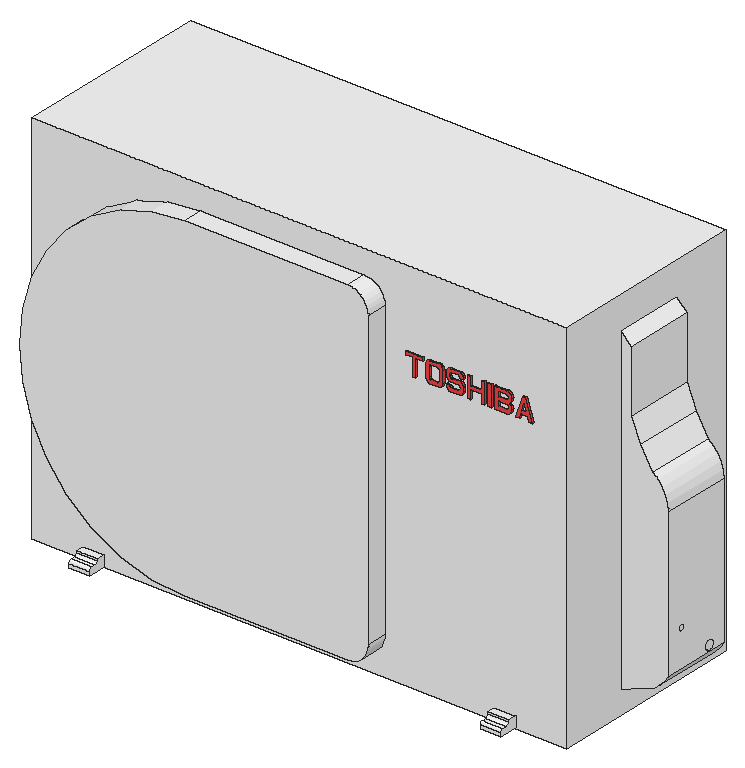
Revit family "RAS-J2AVSG1_10-16_Outdoor Unit", category Mechanical Equipment, Revit 2017
Family settings
  Round Connector Dimension = Use Diameter
  Part Type = Normal
  OmniClass Number = 23.75.00.00
  OmniClass Title = Climate Control (HVAC)
  Work Plane-Based = No
  Always vertical = Yes
  Cut with Voids When Loaded = No
  Shared = No
  Room Calculation Point = No
Parameters (values of type "RAS-16J2AVSG-E1")
  Width (mm) = 780 mm
  Wholesaler Art. No. = ""
  Wholesaler = ""
  Weight (Kg) = "33"
  Watermarked By = ""
  White = Colour RGB-255 255 255
  Voltage (V) = "220-240V"
  URL = "https://www.toshiba-carrier.co.jp/global/"
  Top Clearance (mm) (default) = 600 mm
  Static pressure = "-"
  Sound pressure dB(A)-Cooling/Heating-Mid+ = "-"
  Sound pressure dB(A)-Cooling/Heating-Mid = "-"
  Sound pressure dB(A)-Cooling/Heating-Low+ = "-"
  Sound pressure dB(A)-Cooling/Heating-Low = "-"
  Sound pressure dB(A)-Cooling/Heating-High = "48 / 50"
  Rated Capacity kW-Cooling/Heating = "4.6 / 5.5"
  Right Side Clearance (mm) (default) = 600 mm
  Pdesigh-Cooling/Heating = "-"
  Starting current = "-"
  Stabu Code = ""
  Service Area [instance] = no
  Running current-Heating = "7.04 - 6.46"
  Running current-Cooling = "6.41 - 5.91"
  Revit Version = ""
  Refrigerant information = "R32"
  Red = Colour RGB-255 000 000
  Product Line = "TCTC"  # constant formula
  Power consumption-Heating = "1475"
  Power consumption-Cooling = "1305"
  Rated Power Consumption kW-Cooling/Heating = "1.35 / 1.52"
  Operating range - Heating (°C) = "-15- 24"
  Operating range - Cooling (°C) = "-15 - 46"
  Model = "RAS-16J2AVSG-E1"
  Manufacturer URL = "https://www.toshiba-carrier.co.jp/global/"
  Manufacturer Art. No. = "RAS-16J2AVSG-E1"
  Manufacturer = "Toshiba"  # constant formula
  MOCP (A) = "15"
  MEPcontent Class = "HEATPUMP"  # constant formula
  MCA (A) = "-"
  Left Side Clearance (mm) (default) = 100 mm
  Internal Art. No. = ""
  Piping diameter (mm)-Liquid = 6.4 mm
  Piping diameter (mm)-Gas = 12.7 mm
  Height (mm) = 550 mm
  GTIN = ""
  GLN = ""
  Front Clearance (mm) (default) = 600 mm
  Frequency (Hz) = "50Hz"
  Family Version = "2017"  # constant formula
  Energy class-Cooling/Heating = "A+++ / A+++"
  ETIM Article Class = "EC001213"  # constant formula
  EMCS = "4"  # constant formula
  Duct diameters(mm) = "-"
  Drain pipe(mm) = "-"
  Description = "Haori desing tier"
  Depth (mm) = 290 mm
  Custom = no
  Copyright = "©Toshiba / HCL"  # constant formula
  Content Supplier URL = "www.hcltech.com"
  Compressor detail - Type = "Hermetic DC rotary compressor"
  Compressor detail - Motor output  (W) = "-"
  Seasonal Efficiency-SEER  / SCOP = "7.80 / 4.60"
  Rated efficiency-EER / COP = "3.41 / 3.62"
  CB-NL Class = ""
  Base Family Version = ""
  Back Clearance (mm) (default) = 100 mm
  Article Type = "RAS-16J2AVSG-E1"
  Article Description = "Haori desing tier"
  Airflow m3/h-Cooling/Heating = "2040 / 2040"
Reference planes
  plane 1 "Center (Front/Back)": y = 0
  plane 2: z = 280
  plane 3 "Center (Left/Right)": x = 0
  plane 4: x = -390
  plane 5: y = 145
  plane 6: y = -145
  plane 7: x = 390
  plane 8: z = 830
  plane 9: x = -300
  plane 10: x = 300
  plane 11: x = -108
Forms (mm)
  Extrusion 1, solid, material "Colour RGB-255 255 255"
    sketch origin (-5, 0, 280) x (1, 0, 0) y (0, 1, 0)
      loop
        line (-385, 145) -> (-385, -145) -> (395, -145) -> (395, 145) -> (-385, 145)
    from 0 to 550
  Extrusion 2, solid, material "Colour RGB-255 000 000", detail levels fine
    sketch origin (-563.992, -145, 1324.616) x (1, 0, 0) y (0, 0, 1)
      loop
        line (720.557, -606.181) -> (720.557, -611.181) -> (730.557, -611.181) -> (730.557, -636.181) -> (735.557, -636.181) -> (735.557, -611.181) -> (745.557, -611.181) -> (745.557, -606.181) -> (720.557, -606.181)
      loop
        arc (788.557, -618.368) -> (786.436, -617.49) -> (785.557, -615.368) r 3
        line (785.557, -615.368) -> (785.557, -614.181)
        arc (785.557, -614.181) -> (786.436, -612.059) -> (788.557, -611.181) r 3
        line (788.557, -611.181) -> (797.557, -611.181)
        arc (797.557, -611.181) -> (799.678, -612.059) -> (800.557, -614.181) r 3
        line (800.557, -614.181) -> (805.557, -614.181) -> (805.557, -612.181)
        arc (805.557, -612.181) -> (803.8, -607.938) -> (799.557, -606.181) r 6
        line (799.557, -606.181) -> (786.557, -606.181)
        arc (786.557, -606.181) -> (782.315, -607.938) -> (780.557, -612.181) r 6
        line (780.557, -612.181) -> (780.557, -617.368)
        arc (780.557, -617.368) -> (782.315, -621.611) -> (786.557, -623.368) r 6
        line (786.557, -623.368) -> (797.557, -623.368)
        arc (797.557, -623.368) -> (799.678, -624.247) -> (800.557, -626.368) r 3
        line (800.557, -626.368) -> (800.557, -628.181)
        arc (800.557, -628.181) -> (799.678, -630.302) -> (797.557, -631.181) r 3
        line (797.557, -631.181) -> (788.545, -631.181)
        arc (788.545, -631.181) -> (786.432, -630.306) -> (785.557, -628.193) r 2.988
        line (785.557, -628.193) -> (780.557, -628.193) -> (780.557, -630.181)
        arc (780.557, -630.181) -> (782.315, -634.423) -> (786.557, -636.181) r 6
        line (786.557, -636.181) -> (799.557, -636.181)
        arc (799.557, -636.181) -> (803.8, -634.423) -> (805.557, -630.181) r 6
        line (805.557, -630.181) -> (805.557, -624.368)
        arc (805.557, -624.368) -> (803.8, -620.126) -> (799.557, -618.368) r 6
        line (799.557, -618.368) -> (788.557, -618.368)
      loop
        line (750.557, -612.181) -> (750.557, -630.181)
        arc (750.557, -630.181) -> (752.315, -634.423) -> (756.557, -636.181) r 6
        line (756.557, -636.181) -> (769.557, -636.181)
        arc (769.557, -636.181) -> (773.8, -634.423) -> (775.557, -630.181) r 6
        line (775.557, -630.181) -> (775.557, -612.181)
        arc (775.557, -612.181) -> (773.8, -607.938) -> (769.557, -606.181) r 6
        line (769.557, -606.181) -> (756.557, -606.181)
        arc (756.557, -606.181) -> (752.315, -607.938) -> (750.557, -612.181) r 6
      loop
        line (811.182, -606.181) -> (811.182, -636.181) -> (816.182, -636.181) -> (816.182, -623.368) -> (831.182, -623.368) -> (831.182, -636.181) -> (836.182, -636.181) -> (836.182, -606.181) -> (831.182, -606.181) -> (831.182, -618.368) -> (816.182, -618.368) -> (816.182, -606.181) -> (811.182, -606.181)
      loop
        line (755.557, -614.181) -> (755.557, -628.181)
        arc (755.557, -628.181) -> (756.436, -630.302) -> (758.557, -631.181) r 3
        line (758.557, -631.181) -> (767.557, -631.181)
        arc (767.557, -631.181) -> (769.678, -630.302) -> (770.557, -628.181) r 3
        line (770.557, -628.181) -> (770.557, -614.181)
        arc (770.557, -614.181) -> (769.678, -612.059) -> (767.557, -611.181) r 3
        line (767.557, -611.181) -> (758.557, -611.181)
        arc (758.557, -611.181) -> (756.436, -612.059) -> (755.557, -614.181) r 3
      loop
        line (841.182, -606.181) -> (841.182, -636.181) -> (846.182, -636.181) -> (846.182, -606.181) -> (841.182, -606.181)
      loop
        line (851.182, -606.181) -> (851.182, -636.181) -> (868.19, -636.181)
        arc (868.19, -636.181) -> (873.724, -633.958) -> (876.182, -628.524) r 8
        arc (876.182, -628.524) -> (874.843, -624.269) -> (871.309, -621.547) r 7.431
        arc (871.309, -621.547) -> (874.856, -618.808) -> (876.182, -614.527) r 7.431
        arc (876.182, -614.527) -> (873.968, -608.648) -> (868.19, -606.181) r 8
        line (868.19, -606.181) -> (851.182, -606.181)
      loop
        line (856.182, -611.181) -> (856.182, -618.368) -> (867.615, -618.368)
        arc (867.615, -618.368) -> (871.208, -614.774) -> (867.615, -611.181) r 3.594
        line (867.615, -611.181) -> (856.182, -611.181)
      loop
        line (856.182, -623.681) -> (856.182, -631.181) -> (867.642, -631.181)
        arc (867.642, -631.181) -> (871.392, -627.431) -> (867.642, -623.681) r 3.75
        line (867.642, -623.681) -> (856.182, -623.681)
      loop
        line (891.182, -606.181) -> (881.182, -636.181) -> (886.453, -636.181) -> (888.64, -629.618) -> (898.724, -629.618) -> (900.912, -636.181) -> (906.182, -636.181) -> (896.182, -606.181) -> (891.182, -606.181)
      loop
        line (890.307, -624.618) -> (897.058, -624.618) -> (893.682, -614.492) -> (890.307, -624.618)
    from 0 to 2
  Extrusion 3, solid, material "Colour RGB-255 255 255", detail levels medium+fine
    sketch origin (-495, -145, 1200) x (1, 0, 0) y (0, 0, 1)
      loop
        line (885, -417) -> (885, -886)
        arc (885, -886) -> (892.142, -883.783) -> (899.055, -880.931) r 82.906
        line (899.055, -880.931) -> (914.512, -873.724)
        arc (914.512, -873.724) -> (937.537, -864.535) -> (954, -846) r 53.822
        line (954, -846) -> (954, -631)
        arc (954, -631) -> (948.048, -605.946) -> (931.463, -586.246) r 55.705
        line (931.463, -586.246) -> (913.963, -555.935)
        arc (913.963, -555.935) -> (907.216, -539.572) -> (901, -523) r 548.348
        line (901, -523) -> (901, -433) -> (885, -417)
    from -199.5 to -99.5
  Extrusion 4, solid, material "Colour RGB-255 255 255" <- "White", detail levels fine
    sketch origin (390, 195, 1200) x (0, -1, 0) y (0, 0, 1)
      loop
        circle (168.066, -836) r 6.35
      loop
        circle (218.53, -791) r 3.2
    from -70.247 to 0
  Extrusion 5, solid, material "Colour RGB-255 255 255" <- "White", detail levels fine
    sketch origin (390, 195, 1200) x (0, -1, 0) y (0, 0, 1)
      loop
        line (213.701, -538.405) -> (178.701, -538.405) -> (178.701, -558.405) -> (213.701, -558.405) -> (213.701, -538.405)
    from 0 to -18.149
  Extrusion 6, solid, material "Colour RGB-255 255 255" <- "White", detail levels fine
    sketch origin (0, -15.5, 280) x (1, 0, 0) y (0, 1, 0)
      loop
        circle (-108, 101.5) r 12.5
    from -2.991 to 0
  Extrusion 7, solid, material "Colour RGB-255 255 255", detail levels medium+fine
    sketch origin (-390, 195, 1200) x (0, -1, 0) y (0, 0, 1)
      loop
        line (366, -920) -> (366, -914.786)
        arc (366, -914.786) -> (364.822, -911.943) -> (361.979, -910.765) r 4.021
        line (361.979, -910.765) -> (355.811, -910.765)
        arc (355.811, -910.765) -> (352.982, -909.594) -> (351.811, -906.765) r 4
        line (351.811, -906.765) -> (351.811, -904) -> (36.811, -904) -> (36.811, -908.002)
        arc (36.811, -908.002) -> (35.64, -910.829) -> (32.813, -912) r 3.998
        line (32.813, -912) -> (27.969, -912)
        arc (27.969, -912) -> (25.162, -913.162) -> (24, -915.969) r 3.969
        line (24, -915.969) -> (24, -920) -> (366, -920)
    from -105 to -75
  Extrusion 8, solid, material "Colour RGB-255 255 255", detail levels medium+fine
    sketch origin (390, 195, 1200) x (0, -1, 0) y (0, 0, -1)
      loop
        line (366, 920) -> (24, 920) -> (24, 915.969)
        arc (24, 915.969) -> (25.162, 913.162) -> (27.969, 912) r 3.969
        line (27.969, 912) -> (32.813, 912)
        arc (32.813, 912) -> (35.64, 910.829) -> (36.811, 908.002) r 3.998
        line (36.811, 908.002) -> (36.811, 904) -> (351.811, 904) -> (351.811, 906.765)
        arc (351.811, 906.765) -> (352.982, 909.594) -> (355.811, 910.765) r 4
        line (355.811, 910.765) -> (361.979, 910.765)
        arc (361.979, 910.765) -> (364.822, 911.943) -> (366, 914.786) r 4.021
        line (366, 914.786) -> (366, 920)
    from -105 to -75
Lines and regions (mm)
  model lines, detail levels fine
    curve 1: line (-390, -145, 786) -> (-390, 145, 786)
    curve 2: line (390, -145, 795) -> (-390, -145, 795)
    curve 3: line (83.5, -145, 310) -> (83.5, -145, 795)
    curve 4: line (68.5, 145, 812.5) -> (174, 145, 812.5)
    curve 5: line (68.5, 145, 801.5) -> (174, 145, 801.5)
    curve 6: line (179, 145, 806.5) -> (179, 145, 807.5)
    curve 7: line (63.5, 145, 806.5) -> (63.5, 145, 807.5)
    curve 8: arc (174, 145, 812.5) -> (177.536, 145, 811.036) -> (179, 145, 807.5) r 5
    curve 9: arc (179, 145, 806.5) -> (177.536, 145, 802.964) -> (174, 145, 801.5) r 5
    curve 10: arc (63.5, 145, 807.5) -> (64.964, 145, 811.036) -> (68.5, 145, 812.5) r 5
    curve 11: arc (63.5, 145, 806.5) -> (64.964, 145, 802.964) -> (68.5, 145, 801.5) r 5
    curve 12: line (-59.5, 145, 812.5) -> (36.5, 145, 812.5)
    curve 13: line (-59.5, 145, 801.5) -> (36.5, 145, 801.5)
    curve 14: line (41.5, 145, 806.5) -> (41.5, 145, 807.5)
    curve 15: line (-64.5, 145, 806.5) -> (-64.5, 145, 807.5)
    curve 16: arc (36.5, 145, 812.5) -> (40.036, 145, 811.036) -> (41.5, 145, 807.5) r 5
    curve 17: arc (41.5, 145, 806.5) -> (40.036, 145, 802.964) -> (36.5, 145, 801.5) r 5
    curve 18: arc (-64.5, 145, 807.5) -> (-63.036, 145, 811.036) -> (-59.5, 145, 812.5) r 5
    curve 19: arc (-64.5, 145, 806.5) -> (-63.036, 145, 802.964) -> (-59.5, 145, 801.5) r 5
    curve 20: line (-101.5, 145, 812.5) -> (-91.5, 145, 812.5)
    curve 21: line (-101.5, 145, 801.5) -> (-91.5, 145, 801.5)
    curve 22: line (-86.5, 145, 806.5) -> (-86.5, 145, 807.5)
    curve 23: line (-106.5, 145, 806.5) -> (-106.5, 145, 807.5)
    curve 24: arc (-91.5, 145, 812.5) -> (-87.964, 145, 811.036) -> (-86.5, 145, 807.5) r 5
    curve 25: arc (-86.5, 145, 806.5) -> (-87.964, 145, 802.964) -> (-91.5, 145, 801.5) r 5
    curve 26: arc (-106.5, 145, 807.5) -> (-105.036, 145, 811.036) -> (-101.5, 145, 812.5) r 5
    curve 27: arc (-106.5, 145, 806.5) -> (-105.036, 145, 802.964) -> (-101.5, 145, 801.5) r 5
    curve 28: line (-238.75, 145, 812.5) -> (-133.25, 145, 812.5)
    curve 29: line (-238.75, 145, 801.5) -> (-133.25, 145, 801.5)
    curve 30: line (-128.25, 145, 806.5) -> (-128.25, 145, 807.5)
    curve 31: line (-243.75, 145, 806.5) -> (-243.75, 145, 807.5)
    curve 32: arc (-133.25, 145, 812.5) -> (-129.714, 145, 811.036) -> (-128.25, 145, 807.5) r 5
    curve 33: arc (-128.25, 145, 806.5) -> (-129.714, 145, 802.964) -> (-133.25, 145, 801.5) r 5
    curve 34: arc (-243.75, 145, 807.5) -> (-242.286, 145, 811.036) -> (-238.75, 145, 812.5) r 5
    curve 35: arc (-243.75, 145, 806.5) -> (-242.286, 145, 802.964) -> (-238.75, 145, 801.5) r 5
    curve 36: line (-376.25, 145, 812.5) -> (-270.75, 145, 812.5)
    curve 37: line (-376.25, 145, 801.5) -> (-270.75, 145, 801.5)
    curve 38: line (-265.75, 145, 806.5) -> (-265.75, 145, 807.5)
    curve 39: line (-381.25, 145, 806.5) -> (-381.25, 145, 807.5)
    curve 40: arc (-270.75, 145, 812.5) -> (-267.214, 145, 811.036) -> (-265.75, 145, 807.5) r 5
    curve 41: arc (-265.75, 145, 806.5) -> (-267.214, 145, 802.964) -> (-270.75, 145, 801.5) r 5
    curve 42: arc (-381.25, 145, 807.5) -> (-379.786, 145, 811.036) -> (-376.25, 145, 812.5) r 5
    curve 43: arc (-381.25, 145, 806.5) -> (-379.786, 145, 802.964) -> (-376.25, 145, 801.5) r 5
    curve 44: line (390, 145, 786) -> (-390, 145, 786)
    curve 45: line (390, -145, 786) -> (390, 145, 786)
    curve 46: line (326.5, 145, 333.5) -> (326.5, 145, 786)
    curve 47: line (390, 65.3, 553) -> (390, 66.8, 553)
    curve 48: line (390, 56.8, 362.5) -> (390, 56.8, 544.5)
    curve 49: line (390, 66.8, 354) -> (390, 65.3, 354)
    curve 50: line (390, 75.3, 544.5) -> (390, 75.3, 362.5)
    curve 51: arc (390, 65.3, 354) -> (390, 59.29, 356.49) -> (390, 56.8, 362.5) r 8.5
    curve 52: arc (390, 66.8, 354) -> (390, 72.81, 356.49) -> (390, 75.3, 362.5) r 8.5
    curve 53: arc (390, 66.8, 553) -> (390, 72.81, 550.51) -> (390, 75.3, 544.5) r 8.5
    curve 54: arc (390, 65.3, 553) -> (390, 59.29, 550.51) -> (390, 56.8, 544.5) r 8.5
    curve 55: line (-341.5, 145, 333.5) -> (331.5, 145, 333.5)
    curve 56: line (331.5, 145, 280) -> (331.5, 145, 333.5)
    curve 57: line (-341.5, 145, 786) -> (-341.5, 145, 328.5)
    curve 58: line (-390, 145, 328.5) -> (-341.5, 145, 328.5)
    curve 59: line (114.5, 145, 659.356) -> (12.5, 145, 659.356)
    curve 60: line (120.5, 145, 615.356) -> (120.5, 145, 653.356)
    curve 61: line (12.5, 145, 609.356) -> (114.5, 145, 609.356)
    curve 62: line (6.5, 145, 653.356) -> (6.5, 145, 615.356)
    curve 63: arc (114.5, 145, 659.356) -> (118.743, 145, 657.599) -> (120.5, 145, 653.356) r 6
    curve 64: arc (12.5, 145, 659.356) -> (8.257, 145, 657.599) -> (6.5, 145, 653.356) r 6
    curve 65: arc (12.5, 145, 609.356) -> (8.257, 145, 611.114) -> (6.5, 145, 615.356) r 6
    curve 66: arc (114.5, 145, 609.356) -> (118.743, 145, 611.114) -> (120.5, 145, 615.356) r 6
    curve 67: line (-337.2, 115, 830) -> (337.2, 115, 830)
    curve 68: line (-346, 57.1, 830) -> (-346, 106.2, 830)
    curve 69: line (337.2, 48.3, 830) -> (-337.2, 48.3, 830)
    curve 70: line (346, 106.2, 830) -> (346, 57.1, 830)
    curve 71: arc (-337.2, 115, 830) -> (-343.423, 112.423, 830) -> (-346, 106.2, 830) r 8.8
    curve 72: arc (-346, 57.1, 830) -> (-343.423, 50.877, 830) -> (-337.2, 48.3, 830) r 8.8
    curve 73: arc (346, 106.2, 830) -> (343.423, 112.423, 830) -> (337.2, 115, 830) r 8.8
    curve 74: arc (346, 57.1, 830) -> (343.423, 50.877, 830) -> (337.2, 48.3, 830) r 8.8
    curve 75: line (-337.2, 30.352, 830) -> (337.2, 30.352, 830)
    curve 76: line (-346, -27.848, 830) -> (-346, 21.552, 830)
    curve 77: line (337.2, -36.648, 830) -> (-337.2, -36.648, 830)
    curve 78: line (346, 21.552, 830) -> (346, -27.848, 830)
    curve 79: arc (-337.2, 30.352, 830) -> (-343.423, 27.774, 830) -> (-346, 21.552, 830) r 8.8
    curve 80: arc (-346, -27.848, 830) -> (-343.423, -34.071, 830) -> (-337.2, -36.648, 830) r 8.8
    curve 81: arc (346, 21.552, 830) -> (343.423, 27.774, 830) -> (337.2, 30.352, 830) r 8.8
    curve 82: arc (346, -27.848, 830) -> (343.423, -34.071, 830) -> (337.2, -36.648, 830) r 8.8
    curve 83: line (-337.2, -59.648, 830) -> (337.2, -59.648, 830)
    curve 84: line (-346, -106.2, 830) -> (-346, -68.448, 830)
    curve 85: line (337.2, -115, 830) -> (-337.2, -115, 830)
    curve 86: line (346, -68.448, 830) -> (346, -106.2, 830)
    curve 87: arc (-337.2, -59.648, 830) -> (-343.423, -62.226, 830) -> (-346, -68.448, 830) r 8.8
    curve 88: arc (-346, -106.2, 830) -> (-343.423, -112.423, 830) -> (-337.2, -115, 830) r 8.8
    curve 89: arc (346, -68.448, 830) -> (343.423, -62.226, 830) -> (337.2, -59.648, 830) r 8.8
    curve 90: arc (346, -106.2, 830) -> (343.423, -112.423, 830) -> (337.2, -115, 830) r 8.8
    curve 91: line (390, -80.2, 778) -> (390, -78.7, 778)
    curve 92: line (390, -88.7, 332.5) -> (390, -88.7, 769.5)
    curve 93: line (390, -78.7, 324) -> (390, -80.2, 324)
    curve 94: line (390, -70.2, 769.5) -> (390, -70.2, 332.5)
    curve 95: arc (390, -80.2, 324) -> (390, -86.21, 326.49) -> (390, -88.7, 332.5) r 8.5
    curve 96: arc (390, -78.7, 324) -> (390, -72.69, 326.49) -> (390, -70.2, 332.5) r 8.5
    curve 97: arc (390, -78.7, 778) -> (390, -72.69, 775.51) -> (390, -70.2, 769.5) r 8.5
    curve 98: arc (390, -80.2, 778) -> (390, -86.21, 775.51) -> (390, -88.7, 769.5) r 8.5
    curve 99: line (114.5, 145, 724.356) -> (12.5, 145, 724.356)
    curve 100: line (120.5, 145, 680.356) -> (120.5, 145, 718.356)
    curve 101: line (12.5, 145, 674.356) -> (114.5, 145, 674.356)
    curve 102: line (6.5, 145, 718.356) -> (6.5, 145, 680.356)
    curve 103: arc (114.5, 145, 724.356) -> (118.743, 145, 722.599) -> (120.5, 145, 718.356) r 6
    curve 104: arc (12.5, 145, 724.356) -> (8.257, 145, 722.599) -> (6.5, 145, 718.356) r 6
    curve 105: arc (12.5, 145, 674.356) -> (8.257, 145, 676.114) -> (6.5, 145, 680.356) r 6
    curve 106: arc (114.5, 145, 674.356) -> (118.743, 145, 676.114) -> (120.5, 145, 680.356) r 6
    curve 107: line (114.5, 145, 779.356) -> (12.5, 145, 779.356)
    curve 108: line (120.5, 145, 745.356) -> (120.5, 145, 773.356)
    curve 109: line (12.5, 145, 739.356) -> (114.5, 145, 739.356)
    curve 110: line (6.5, 145, 773.356) -> (6.5, 145, 745.356)
    curve 111: arc (114.5, 145, 779.356) -> (118.743, 145, 777.599) -> (120.5, 145, 773.356) r 6
    curve 112: arc (12.5, 145, 779.356) -> (8.257, 145, 777.599) -> (6.5, 145, 773.356) r 6
    curve 113: arc (12.5, 145, 739.356) -> (8.257, 145, 741.114) -> (6.5, 145, 745.356) r 6
    curve 114: arc (114.5, 145, 739.356) -> (118.743, 145, 741.114) -> (120.5, 145, 745.356) r 6
    curve 115: line (114.5, 145, 536.644) -> (12.5, 145, 536.644)
    curve 116: line (120.5, 145, 580.644) -> (120.5, 145, 542.644)
    curve 117: line (12.5, 145, 586.644) -> (114.5, 145, 586.644)
    curve 118: line (6.5, 145, 542.644) -> (6.5, 145, 580.644)
    curve 119: arc (114.5, 145, 536.644) -> (118.743, 145, 538.401) -> (120.5, 145, 542.644) r 6
    curve 120: arc (12.5, 145, 536.644) -> (8.257, 145, 538.401) -> (6.5, 145, 542.644) r 6
    curve 121: arc (12.5, 145, 586.644) -> (8.257, 145, 584.886) -> (6.5, 145, 580.644) r 6
    curve 122: arc (114.5, 145, 586.644) -> (118.743, 145, 584.886) -> (120.5, 145, 580.644) r 6
    curve 123: line (114.5, 145, 471.644) -> (12.5, 145, 471.644)
    curve 124: line (120.5, 145, 515.644) -> (120.5, 145, 477.644)
    curve 125: line (12.5, 145, 521.644) -> (114.5, 145, 521.644)
    curve 126: line (6.5, 145, 477.644) -> (6.5, 145, 515.644)
    curve 127: arc (114.5, 145, 471.644) -> (118.743, 145, 473.401) -> (120.5, 145, 477.644) r 6
    curve 128: arc (12.5, 145, 471.644) -> (8.257, 145, 473.401) -> (6.5, 145, 477.644) r 6
    curve 129: arc (12.5, 145, 521.644) -> (8.257, 145, 519.886) -> (6.5, 145, 515.644) r 6
    curve 130: arc (114.5, 145, 521.644) -> (118.743, 145, 519.886) -> (120.5, 145, 515.644) r 6
    curve 131: line (114.5, 145, 406.644) -> (12.5, 145, 406.644)
    curve 132: line (120.5, 145, 450.644) -> (120.5, 145, 412.644)
    curve 133: line (12.5, 145, 456.644) -> (114.5, 145, 456.644)
    curve 134: line (6.5, 145, 412.644) -> (6.5, 145, 450.644)
    curve 135: arc (114.5, 145, 406.644) -> (118.743, 145, 408.401) -> (120.5, 145, 412.644) r 6
    curve 136: arc (12.5, 145, 406.644) -> (8.257, 145, 408.401) -> (6.5, 145, 412.644) r 6
    curve 137: arc (12.5, 145, 456.644) -> (8.257, 145, 454.886) -> (6.5, 145, 450.644) r 6
    curve 138: arc (114.5, 145, 456.644) -> (118.743, 145, 454.886) -> (120.5, 145, 450.644) r 6
    curve 139: line (114.5, 145, 341.644) -> (12.5, 145, 341.644)
    curve 140: line (120.5, 145, 385.644) -> (120.5, 145, 347.644)
    curve 141: line (12.5, 145, 391.644) -> (114.5, 145, 391.644)
    curve 142: line (6.5, 145, 347.644) -> (6.5, 145, 385.644)
    curve 143: arc (114.5, 145, 341.644) -> (118.743, 145, 343.401) -> (120.5, 145, 347.644) r 6
    curve 144: arc (12.5, 145, 341.644) -> (8.257, 145, 343.401) -> (6.5, 145, 347.644) r 6
    curve 145: arc (12.5, 145, 391.644) -> (8.257, 145, 389.886) -> (6.5, 145, 385.644) r 6
    curve 146: arc (114.5, 145, 391.644) -> (118.743, 145, 389.886) -> (120.5, 145, 385.644) r 6
    curve 147: line (-114.5, 145, 659.356) -> (-12.5, 145, 659.356)
    curve 148: line (-120.5, 145, 615.356) -> (-120.5, 145, 653.356)
    curve 149: line (-12.5, 145, 609.356) -> (-114.5, 145, 609.356)
    curve 150: line (-6.5, 145, 653.356) -> (-6.5, 145, 615.356)
    curve 151: arc (-114.5, 145, 659.356) -> (-118.743, 145, 657.599) -> (-120.5, 145, 653.356) r 6
    curve 152: arc (-12.5, 145, 659.356) -> (-8.257, 145, 657.599) -> (-6.5, 145, 653.356) r 6
    curve 153: arc (-12.5, 145, 609.356) -> (-8.257, 145, 611.114) -> (-6.5, 145, 615.356) r 6
    curve 154: arc (-114.5, 145, 609.356) -> (-118.743, 145, 611.114) -> (-120.5, 145, 615.356) r 6
    curve 155: line (-114.5, 145, 724.356) -> (-12.5, 145, 724.356)
    curve 156: line (-120.5, 145, 680.356) -> (-120.5, 145, 718.356)
    curve 157: line (-12.5, 145, 674.356) -> (-114.5, 145, 674.356)
    curve 158: line (-6.5, 145, 718.356) -> (-6.5, 145, 680.356)
    curve 159: arc (-114.5, 145, 724.356) -> (-118.743, 145, 722.599) -> (-120.5, 145, 718.356) r 6
    curve 160: arc (-12.5, 145, 724.356) -> (-8.257, 145, 722.599) -> (-6.5, 145, 718.356) r 6
    curve 161: arc (-12.5, 145, 674.356) -> (-8.257, 145, 676.114) -> (-6.5, 145, 680.356) r 6
    curve 162: arc (-114.5, 145, 674.356) -> (-118.743, 145, 676.114) -> (-120.5, 145, 680.356) r 6
    curve 163: line (-105, 145, 779.356) -> (-12.5, 145, 779.356)
    curve 164: line (-111, 145, 745.356) -> (-111, 145, 773.356)
    curve 165: line (-12.5, 145, 739.356) -> (-105, 145, 739.356)
    curve 166: line (-6.5, 145, 773.356) -> (-6.5, 145, 745.356)
    curve 167: arc (-105, 145, 779.356) -> (-109.243, 145, 777.599) -> (-111, 145, 773.356) r 6
    curve 168: arc (-12.5, 145, 779.356) -> (-8.257, 145, 777.599) -> (-6.5, 145, 773.356) r 6
    curve 169: arc (-12.5, 145, 739.356) -> (-8.257, 145, 741.114) -> (-6.5, 145, 745.356) r 6
    curve 170: arc (-105, 145, 739.356) -> (-109.243, 145, 741.114) -> (-111, 145, 745.356) r 6
    curve 171: line (-114.5, 145, 536.644) -> (-12.5, 145, 536.644)
    curve 172: line (-120.5, 145, 580.644) -> (-120.5, 145, 542.644)
    curve 173: line (-12.5, 145, 586.644) -> (-114.5, 145, 586.644)
    curve 174: line (-6.5, 145, 542.644) -> (-6.5, 145, 580.644)
    curve 175: arc (-114.5, 145, 536.644) -> (-118.743, 145, 538.401) -> (-120.5, 145, 542.644) r 6
    curve 176: arc (-12.5, 145, 536.644) -> (-8.257, 145, 538.401) -> (-6.5, 145, 542.644) r 6
    curve 177: arc (-12.5, 145, 586.644) -> (-8.257, 145, 584.886) -> (-6.5, 145, 580.644) r 6
    curve 178: arc (-114.5, 145, 586.644) -> (-118.743, 145, 584.886) -> (-120.5, 145, 580.644) r 6
    curve 179: line (-114.5, 145, 471.644) -> (-12.5, 145, 471.644)
    curve 180: line (-120.5, 145, 515.644) -> (-120.5, 145, 477.644)
    curve 181: line (-12.5, 145, 521.644) -> (-114.5, 145, 521.644)
    curve 182: line (-6.5, 145, 477.644) -> (-6.5, 145, 515.644)
    curve 183: arc (-114.5, 145, 471.644) -> (-118.743, 145, 473.401) -> (-120.5, 145, 477.644) r 6
    curve 184: arc (-12.5, 145, 471.644) -> (-8.257, 145, 473.401) -> (-6.5, 145, 477.644) r 6
    curve 185: arc (-12.5, 145, 521.644) -> (-8.257, 145, 519.886) -> (-6.5, 145, 515.644) r 6
    curve 186: arc (-114.5, 145, 521.644) -> (-118.743, 145, 519.886) -> (-120.5, 145, 515.644) r 6
    curve 187: line (-114.5, 145, 406.644) -> (-12.5, 145, 406.644)
    curve 188: line (-120.5, 145, 450.644) -> (-120.5, 145, 412.644)
    curve 189: line (-12.5, 145, 456.644) -> (-114.5, 145, 456.644)
    curve 190: line (-6.5, 145, 412.644) -> (-6.5, 145, 450.644)
    curve 191: arc (-114.5, 145, 406.644) -> (-118.743, 145, 408.401) -> (-120.5, 145, 412.644) r 6
    curve 192: arc (-12.5, 145, 406.644) -> (-8.257, 145, 408.401) -> (-6.5, 145, 412.644) r 6
    curve 193: arc (-12.5, 145, 456.644) -> (-8.257, 145, 454.886) -> (-6.5, 145, 450.644) r 6
    curve 194: arc (-114.5, 145, 456.644) -> (-118.743, 145, 454.886) -> (-120.5, 145, 450.644) r 6
    curve 195: line (-114.5, 145, 341.644) -> (-12.5, 145, 341.644)
    curve 196: line (-120.5, 145, 385.644) -> (-120.5, 145, 347.644)
    curve 197: line (-12.5, 145, 391.644) -> (-114.5, 145, 391.644)
    curve 198: line (-6.5, 145, 347.644) -> (-6.5, 145, 385.644)
    curve 199: arc (-114.5, 145, 341.644) -> (-118.743, 145, 343.401) -> (-120.5, 145, 347.644) r 6
    curve 200: arc (-12.5, 145, 341.644) -> (-8.257, 145, 343.401) -> (-6.5, 145, 347.644) r 6
    curve 201: arc (-12.5, 145, 391.644) -> (-8.257, 145, 389.886) -> (-6.5, 145, 385.644) r 6
    curve 202: arc (-114.5, 145, 391.644) -> (-118.743, 145, 389.886) -> (-120.5, 145, 385.644) r 6
    curve 203: line (-390, 113, 778) -> (-390, -93, 778)
    curve 204: line (-390, 115.5, 755.5) -> (-390, 115.5, 775.5)
    curve 205: line (-390, -92.967, 753) -> (-390, 113, 753)
    curve 206: line (-390, -95.5, 775.5) -> (-390, -95.5, 755.533)
    curve 207: line (-390, -105.5, 786) -> (-390, -105.5, 280)
    curve 208: arc (-390, 113, 778) -> (-390, 114.768, 777.268) -> (-390, 115.5, 775.5) r 2.5
    curve 209: arc (-390, 113, 753) -> (-390, 114.768, 753.732) -> (-390, 115.5, 755.5) r 2.5
    curve 210: arc (-390, -93, 778) -> (-390, -94.768, 777.268) -> (-390, -95.5, 775.5) r 2.5
    curve 211: arc (-390, -95.5, 755.533) -> (-390, -94.758, 753.742) -> (-390, -92.967, 753) r 2.533
    curve 212: line (-390, 113, 738) -> (-390, -93, 738)
    curve 213: line (-390, 115.5, 715.5) -> (-390, 115.5, 735.5)
    curve 214: line (-390, -92.967, 713) -> (-390, 113, 713)
    curve 215: line (-390, -95.5, 735.5) -> (-390, -95.5, 715.533)
    curve 216: arc (-390, 113, 738) -> (-390, 114.768, 737.268) -> (-390, 115.5, 735.5) r 2.5
    curve 217: arc (-390, 113, 713) -> (-390, 114.768, 713.732) -> (-390, 115.5, 715.5) r 2.5
    curve 218: arc (-390, -93, 738) -> (-390, -94.768, 737.268) -> (-390, -95.5, 735.5) r 2.5
    curve 219: arc (-390, -95.5, 715.533) -> (-390, -94.758, 713.742) -> (-390, -92.967, 713) r 2.533
    curve 220: line (-390, 113, 698) -> (-390, -93, 698)
    curve 221: line (-390, 115.5, 675.5) -> (-390, 115.5, 695.5)
    curve 222: line (-390, -92.967, 673) -> (-390, 113, 673)
    curve 223: line (-390, -95.5, 695.5) -> (-390, -95.5, 675.533)
    curve 224: arc (-390, 113, 698) -> (-390, 114.768, 697.268) -> (-390, 115.5, 695.5) r 2.5
    curve 225: arc (-390, 113, 673) -> (-390, 114.768, 673.732) -> (-390, 115.5, 675.5) r 2.5
    curve 226: arc (-390, -93, 698) -> (-390, -94.768, 697.268) -> (-390, -95.5, 695.5) r 2.5
    curve 227: arc (-390, -95.5, 675.533) -> (-390, -94.758, 673.742) -> (-390, -92.967, 673) r 2.533
    curve 228: line (-390, 113, 658) -> (-390, -93, 658)
    curve 229: line (-390, 115.5, 635.5) -> (-390, 115.5, 655.5)
    curve 230: line (-390, -92.967, 633) -> (-390, 113, 633)
    curve 231: line (-390, -95.5, 655.5) -> (-390, -95.5, 635.533)
    curve 232: arc (-390, 113, 658) -> (-390, 114.768, 657.268) -> (-390, 115.5, 655.5) r 2.5
    curve 233: arc (-390, 113, 633) -> (-390, 114.768, 633.732) -> (-390, 115.5, 635.5) r 2.5
    curve 234: arc (-390, -93, 658) -> (-390, -94.768, 657.268) -> (-390, -95.5, 655.5) r 2.5
    curve 235: arc (-390, -95.5, 635.533) -> (-390, -94.758, 633.742) -> (-390, -92.967, 633) r 2.533
    curve 236: line (-390, 113, 618) -> (-390, -93, 618)
    curve 237: line (-390, 115.5, 595.5) -> (-390, 115.5, 615.5)
    curve 238: line (-390, -92.967, 593) -> (-390, 113, 593)
    curve 239: line (-390, -95.5, 615.5) -> (-390, -95.5, 595.533)
    curve 240: arc (-390, 113, 618) -> (-390, 114.768, 617.268) -> (-390, 115.5, 615.5) r 2.5
    curve 241: arc (-390, 113, 593) -> (-390, 114.768, 593.732) -> (-390, 115.5, 595.5) r 2.5
    curve 242: arc (-390, -93, 618) -> (-390, -94.768, 617.268) -> (-390, -95.5, 615.5) r 2.5
    curve 243: arc (-390, -95.5, 595.533) -> (-390, -94.758, 593.742) -> (-390, -92.967, 593) r 2.533
    curve 244: line (-390, 113, 578) -> (-390, -93, 578)
    curve 245: line (-390, 115.5, 555.5) -> (-390, 115.5, 575.5)
    curve 246: line (-390, -92.967, 553) -> (-390, 113, 553)
    curve 247: line (-390, -95.5, 575.5) -> (-390, -95.5, 555.533)
    curve 248: arc (-390, 113, 578) -> (-390, 114.768, 577.268) -> (-390, 115.5, 575.5) r 2.5
    curve 249: arc (-390, 113, 553) -> (-390, 114.768, 553.732) -> (-390, 115.5, 555.5) r 2.5
    curve 250: arc (-390, -93, 578) -> (-390, -94.768, 577.268) -> (-390, -95.5, 575.5) r 2.5
    curve 251: arc (-390, -95.5, 555.533) -> (-390, -94.758, 553.742) -> (-390, -92.967, 553) r 2.533
    curve 252: line (-390, 113, 543) -> (-390, -93, 543)
    curve 253: line (-390, 115.5, 520.5) -> (-390, 115.5, 540.5)
    curve 254: line (-390, -92.967, 518) -> (-390, 113, 518)
    curve 255: line (-390, -95.5, 540.5) -> (-390, -95.5, 520.533)
    curve 256: arc (-390, 113, 543) -> (-390, 114.768, 542.268) -> (-390, 115.5, 540.5) r 2.5
    curve 257: arc (-390, 113, 518) -> (-390, 114.768, 518.732) -> (-390, 115.5, 520.5) r 2.5
    curve 258: arc (-390, -93, 543) -> (-390, -94.768, 542.268) -> (-390, -95.5, 540.5) r 2.5
    curve 259: arc (-390, -95.5, 520.533) -> (-390, -94.758, 518.742) -> (-390, -92.967, 518) r 2.533
    curve 260: line (-390, 113, 503) -> (-390, -93, 503)
    curve 261: line (-390, 115.5, 480.5) -> (-390, 115.5, 500.5)
    curve 262: line (-390, -92.967, 478) -> (-390, 113, 478)
    curve 263: line (-390, -95.5, 500.5) -> (-390, -95.5, 480.533)
    curve 264: arc (-390, 113, 503) -> (-390, 114.768, 502.268) -> (-390, 115.5, 500.5) r 2.5
    curve 265: arc (-390, 113, 478) -> (-390, 114.768, 478.732) -> (-390, 115.5, 480.5) r 2.5
    curve 266: arc (-390, -93, 503) -> (-390, -94.768, 502.268) -> (-390, -95.5, 500.5) r 2.5
    curve 267: arc (-390, -95.5, 480.533) -> (-390, -94.758, 478.742) -> (-390, -92.967, 478) r 2.533
    curve 268: line (-390, 113, 458) -> (-390, -93, 458)
    curve 269: line (-390, 115.5, 435.5) -> (-390, 115.5, 455.5)
    curve 270: line (-390, -92.967, 433) -> (-390, 113, 433)
    curve 271: line (-390, -95.5, 455.5) -> (-390, -95.5, 435.533)
    curve 272: arc (-390, 113, 458) -> (-390, 114.768, 457.268) -> (-390, 115.5, 455.5) r 2.5
    curve 273: arc (-390, 113, 433) -> (-390, 114.768, 433.732) -> (-390, 115.5, 435.5) r 2.5
    curve 274: arc (-390, -93, 458) -> (-390, -94.768, 457.268) -> (-390, -95.5, 455.5) r 2.5
    curve 275: arc (-390, -95.5, 435.533) -> (-390, -94.758, 433.742) -> (-390, -92.967, 433) r 2.533
    curve 276: line (-390, 113, 418) -> (-390, -93, 418)
    curve 277: line (-390, 115.5, 395.5) -> (-390, 115.5, 415.5)
    curve 278: line (-390, -92.967, 393) -> (-390, 113, 393)
    curve 279: line (-390, -95.5, 415.5) -> (-390, -95.5, 395.533)
    curve 280: arc (-390, 113, 418) -> (-390, 114.768, 417.268) -> (-390, 115.5, 415.5) r 2.5
    curve 281: arc (-390, 113, 393) -> (-390, 114.768, 393.732) -> (-390, 115.5, 395.5) r 2.5
    curve 282: arc (-390, -93, 418) -> (-390, -94.768, 417.268) -> (-390, -95.5, 415.5) r 2.5
    curve 283: arc (-390, -95.5, 395.533) -> (-390, -94.758, 393.742) -> (-390, -92.967, 393) r 2.533
    curve 284: line (-390, 113, 378) -> (-390, -93, 378)
    curve 285: line (-390, 115.5, 355.5) -> (-390, 115.5, 375.5)
    curve 286: line (-390, -92.967, 353) -> (-390, 113, 353)
    curve 287: line (-390, -95.5, 375.5) -> (-390, -95.5, 355.533)
    curve 288: arc (-390, 113, 378) -> (-390, 114.768, 377.268) -> (-390, 115.5, 375.5) r 2.5
    curve 289: arc (-390, 113, 353) -> (-390, 114.768, 353.732) -> (-390, 115.5, 355.5) r 2.5
    curve 290: arc (-390, -93, 378) -> (-390, -94.768, 377.268) -> (-390, -95.5, 375.5) r 2.5
    curve 291: arc (-390, -95.5, 355.533) -> (-390, -94.758, 353.742) -> (-390, -92.967, 353) r 2.533
    curve 292: line (-390, 113, 338) -> (-390, -93, 338)
    curve 293: line (-390, 115.5, 315.5) -> (-390, 115.5, 335.5)
    curve 294: line (-390, -92.967, 313) -> (-390, 113, 313)
    curve 295: line (-390, -95.5, 335.5) -> (-390, -95.5, 315.533)
    curve 296: arc (-390, 113, 338) -> (-390, 114.768, 337.268) -> (-390, 115.5, 335.5) r 2.5
    curve 297: arc (-390, 113, 313) -> (-390, 114.768, 313.732) -> (-390, 115.5, 315.5) r 2.5
    curve 298: arc (-390, -93, 338) -> (-390, -94.768, 337.268) -> (-390, -95.5, 335.5) r 2.5
    curve 299: arc (-390, -95.5, 315.533) -> (-390, -94.758, 313.742) -> (-390, -92.967, 313) r 2.533
    curve 300: line (-390, -119.7, 778) -> (-390, -124.375, 778)
    curve 301: line (-390, -117.298, 291.596) -> (-390, -117.298, 775.598)
    curve 302: line (-390, -124.456, 289.235) -> (-390, -119.658, 289.235)
    curve 303: line (-390, -126.811, 775.564) -> (-390, -126.811, 291.589)
    curve 304: arc (-390, -117.298, 775.598) -> (-390, -118.001, 777.296) -> (-390, -119.7, 778) r 2.402
    curve 305: arc (-390, -124.375, 778) -> (-390, -126.097, 777.286) -> (-390, -126.811, 775.564) r 2.436
    curve 306: arc (-390, -119.658, 289.235) -> (-390, -117.989, 289.926) -> (-390, -117.298, 291.596) r 2.361
    curve 307: arc (-390, -126.811, 291.589) -> (-390, -126.121, 289.924) -> (-390, -124.456, 289.235) r 2.355
Dimensions and locks
  "Width (mm)": plane 4 to plane 7
  "Height (mm)": plane 8 to level
  "Depth (mm)": plane 6 to plane 5
  equal spacing: Extrusion 7 sketch curve, plane 1 "Center (Front/Back)", Extrusion 7 sketch curve
  locked: Extrusion 7 sketch curve to Extrusion 7 sketch curve at 342
  Extrusion 8 sketch curve to Extrusion 8 sketch curve = 342 mm
  locked: Extrusion 8 sketch curve to Extrusion 8 sketch curve at 342
  plane 4 to plane 9 = 90 mm
  plane 10 to plane 7 = 90 mm
  plane 9 to plane 10 = 600 mm
  plane 7 to Extrusion 3 = 69 mm
  nested 1 to level = 275 mm
  nested 2 to Extrusion 6 = 86 mm
  plane 11 to nested 2 = 108 mm
  plane 5 to plane 6 = 290 mm
  plane 8 to level = 550 mm
  Extrusion 4 to level = 84 mm
  Extrusion 1 to Extrusion 4 = 129 mm
  nested 1 to plane 5 = 320 mm
  Extrusion 8 to Extrusion 8 = 342 mm
  aligned and locked: level to plane 2
  aligned and locked: Extrusion 1 to plane 5
  aligned and locked: plane 6 to Extrusion 1
  aligned and locked: plane 4 to Extrusion 1
  aligned and locked: Extrusion 1 to plane 7
  aligned and locked: Extrusion 1 to plane 8
  aligned and locked: plane 7 to Extrusion 3 sketch curve
  aligned and locked: Extrusion 1 to level
  aligned and locked: level to Extrusion 6
Automatic sketch dimensions
  Extrusion 1 sketch curve to plane 4 = 0 mm
  plane 6 to Extrusion 1 sketch curve = 0 mm
  Extrusion 1 sketch curve to plane 7 = 0 mm
  plane 5 to Extrusion 1 sketch curve = 0 mm
  curve 1 to plane 5 = 0 mm
  curve 207 to level = 0 mm
  curve 1 to plane 6 = 0 mm
  plane 5 to curve 277 = 29.5 mm
  plane 5 to curve 253 = 29.5 mm
  plane 5 to curve 204 = 29.5 mm
  plane 5 to curve 245 = 29.5 mm
  plane 5 to curve 261 = 29.5 mm
  plane 5 to curve 293 = 29.5 mm
  plane 5 to curve 237 = 29.5 mm
  plane 5 to curve 213 = 29.5 mm
  curve 269 to curve 277 = 0 mm
  plane 5 to curve 229 = 29.5 mm
  curve 285 to curve 281 = 0 mm
  curve 221 to curve 229 = 0 mm
  curve 221 to curve 222 = 2.5 mm
  curve 277 to curve 280 = 2.5 mm
  curve 221 to curve 224 = 2.5 mm
  curve 277 to curve 281 = 2.5 mm
  curve 285 to curve 284 = 2.5 mm
  curve 285 to curve 286 = 2.5 mm
  curve 229 to curve 228 = 2.5 mm
  curve 269 to curve 273 = 2.5 mm
  curve 213 to curve 217 = 2.5 mm
  curve 233 to curve 230 = 2.5 mm
  curve 269 to curve 272 = 2.5 mm
  curve 213 to curve 216 = 2.5 mm
  curve 237 to curve 236 = 2.5 mm
  curve 261 to curve 265 = 2.5 mm
  curve 293 to curve 292 = 2.5 mm
  curve 241 to curve 238 = 2.5 mm
  curve 261 to curve 264 = 2.5 mm
  curve 293 to curve 294 = 2.5 mm
  curve 204 to curve 209 = 2.5 mm
  curve 204 to curve 208 = 2.5 mm
  curve 248 to curve 244 = 2.5 mm
  curve 253 to curve 257 = 2.5 mm
  curve 249 to curve 246 = 2.5 mm
  curve 253 to curve 256 = 2.5 mm
  curve 251 to plane 6 = 52.033 mm
  curve 278 to plane 6 = 52.033 mm
  curve 227 to plane 6 = 52.033 mm
  curve 275 to curve 283 = 0 mm
  curve 254 to curve 246 = 0 mm
  curve 205 to plane 6 = 52.033 mm
  curve 299 to plane 6 = 52.033 mm
  curve 230 to curve 222 = 0 mm
  curve 219 to curve 205 = 0 mm
  curve 243 to curve 230 = 0 mm
  curve 286 to curve 299 = 0 mm
  curve 262 to curve 254 = 0 mm
  curve 230 to curve 236 = 0.033 mm
  curve 254 to curve 266 = 0.033 mm
  curve 278 to curve 290 = 0.033 mm
  curve 205 to curve 218 = 0.033 mm
  curve 262 to curve 268 = 0.033 mm
  curve 286 to curve 292 = 0.033 mm
  curve 222 to curve 234 = 0.033 mm
  curve 246 to curve 258 = 0.033 mm
  curve 243 to curve 244 = 0.033 mm
  curve 211 to curve 210 = 0.033 mm
  curve 270 to curve 276 = 0.033 mm
  curve 214 to curve 226 = 0.033 mm
  curve 226 to curve 223 = 2.5 mm
  curve 283 to curve 279 = 2.533 mm
  curve 234 to curve 231 = 2.5 mm
  curve 275 to curve 271 = 2.533 mm
  curve 290 to curve 287 = 2.5 mm
  curve 219 to curve 215 = 2.533 mm
  curve 242 to curve 239 = 2.5 mm
  curve 267 to curve 263 = 2.533 mm
  curve 250 to curve 247 = 2.5 mm
  curve 259 to curve 255 = 2.533 mm
  curve 298 to curve 295 = 2.5 mm
  curve 211 to curve 206 = 2.533 mm
  level to curve 301 = 11.596 mm
  curve 301 to plane 6 = 27.702 mm
  curve 306 to curve 306 = 2.361 mm
  curve 301 to curve 300 = 2.402 mm
  curve 304 to curve 305 = 4.674 mm
  curve 306 to curve 302 = 4.798 mm
  curve 307 to curve 303 = 2.355 mm
  curve 301 to curve 294 = 21.404 mm
  curve 297 to curve 296 = 20 mm
  curve 292 to curve 286 = 15 mm
  curve 289 to curve 288 = 20 mm
  curve 284 to curve 278 = 15 mm
  curve 281 to curve 280 = 20 mm
  curve 280 to curve 270 = 15 mm
  curve 273 to curve 272 = 20 mm
  curve 268 to curve 262 = 20 mm
  curve 265 to curve 264 = 20 mm
  curve 266 to curve 254 = 15 mm
  curve 255 to curve 255 = 19.967 mm
  curve 252 to curve 246 = 10 mm
  curve 249 to curve 248 = 20 mm
  curve 250 to curve 238 = 15 mm
  curve 241 to curve 240 = 20 mm
  curve 240 to curve 230 = 15 mm
  curve 233 to curve 232 = 20 mm
  curve 228 to curve 222 = 15 mm
  curve 227 to curve 226 = 19.967 mm
  curve 224 to curve 214 = 15 mm
  curve 217 to curve 216 = 20 mm
  curve 218 to curve 205 = 15 mm
  curve 211 to curve 210 = 19.967 mm
  curve 206 to curve 303 = 0.064 mm
  curve 207 to curve 301 = 11.798 mm
  curve 206 to curve 207 = 10.5 mm
  plane 4 to curve 2 = 0 mm
  plane 7 to curve 2 = 0 mm
  level to curve 3 = 30 mm
  plane 3 "Center (Left/Right)" to curve 3 = 83.5 mm
  plane 8 to curve 3 = 35 mm
  curve 45 to plane 5 = 0 mm
  curve 45 to plane 6 = 0 mm
  plane 5 to curve 50 = 69.7 mm
  curve 50 to curve 49 = 8.5 mm
  curve 53 to curve 47 = 8.5 mm
  curve 47 to curve 47 = 1.5 mm
  curve 49 to curve 49 = 1.5 mm
  curve 51 to curve 48 = 8.5 mm
  plane 1 "Center (Front/Back)" to curve 94 = 70.2 mm
  curve 94 to curve 93 = 8.5 mm
  curve 94 to curve 91 = 8.5 mm
  curve 96 to curve 95 = 1.5 mm
  curve 97 to curve 98 = 1.5 mm
  curve 98 to curve 92 = 8.5 mm
  level to curve 93 = 44 mm
  level to curve 49 = 74 mm
  curve 48 to curve 48 = 182 mm
  plane 8 to curve 94 = 60.5 mm
  plane 8 to curve 45 = 44 mm
  curve 67 to curve 68 = 8.8 mm
  curve 67 to curve 70 = 8.8 mm
  curve 70 to plane 1 "Center (Front/Back)" = 57.1 mm
  curve 72 to plane 1 "Center (Front/Back)" = 57.1 mm
  curve 72 to curve 69 = 8.8 mm
  curve 69 to curve 75 = 17.948 mm
  curve 75 to curve 81 = 8.8 mm
  curve 75 to curve 79 = 8.8 mm
  plane 1 "Center (Front/Back)" to curve 78 = 27.848 mm
  plane 1 "Center (Front/Back)" to curve 80 = 27.848 mm
  curve 80 to curve 77 = 8.8 mm
  curve 77 to curve 83 = 23 mm
  curve 83 to curve 86 = 8.8 mm
  curve 83 to curve 84 = 8.8 mm
  curve 87 to curve 88 = 37.752 mm
  curve 89 to curve 90 = 37.752 mm
  curve 88 to curve 85 = 8.8 mm
  curve 76 to plane 4 = 44 mm
  curve 68 to curve 75 = 8.8 mm
  curve 84 to plane 4 = 44 mm
  plane 7 to curve 90 = 52.8 mm
  curve 77 to curve 83 = 0 mm
  plane 7 to curve 67 = 52.8 mm
  plane 3 "Center (Left/Right)" to Extrusion 2 sketch curve = 156.565 mm
  Extrusion 2 sketch curve to Extrusion 2 sketch curve = 10 mm  (x2)
  Extrusion 2 sketch curve to Extrusion 2 sketch curve = 5 mm  (x21)
  Extrusion 2 sketch curve to Extrusion 2 sketch curve = 15 mm  (x2)
  Extrusion 2 sketch curve to Extrusion 2 sketch curve = 1 mm  (x13)
  Extrusion 2 sketch curve to Extrusion 2 sketch curve = 2 mm  (x11)
  Extrusion 2 sketch curve to Extrusion 2 sketch curve = 9 mm  (x3)
  Extrusion 2 sketch curve to Extrusion 2 sketch curve = 1.988 mm
  Extrusion 2 sketch curve to Extrusion 2 sketch curve = 9.012 mm
  Extrusion 2 sketch curve to Extrusion 2 sketch curve = 0 mm  (x12)
  Extrusion 2 sketch curve to Extrusion 2 sketch curve = 5.625 mm
  Extrusion 2 sketch curve to Extrusion 2 sketch curve = 10.625 mm
  Extrusion 2 sketch curve to Extrusion 2 sketch curve = 11.432 mm
  Extrusion 2 sketch curve to Extrusion 2 sketch curve = 0.028 mm
  Extrusion 2 sketch curve to Extrusion 2 sketch curve = 0.547 mm
  Extrusion 2 sketch curve to Extrusion 2 sketch curve = 0.575 mm
  Extrusion 2 sketch curve to Extrusion 2 sketch curve = 0.561 mm  (x2)
  Extrusion 2 sketch curve to Extrusion 2 sketch curve = 12.993 mm
  Extrusion 2 sketch curve to Extrusion 2 sketch curve = 5.27 mm  (x2)
  Extrusion 2 sketch curve to Extrusion 2 sketch curve = 2.187 mm  (x2)
  Extrusion 2 sketch curve to Extrusion 2 sketch curve = 1.667 mm  (x2)
  Extrusion 2 sketch curve to Extrusion 2 sketch curve = 0.875 mm
  Extrusion 2 sketch curve to Extrusion 2 sketch curve = 2.5 mm
  Extrusion 2 sketch curve to Extrusion 2 sketch curve = 6.751 mm
  plane 8 to Extrusion 2 sketch curve = 141.565 mm
  Extrusion 2 sketch curve to Extrusion 2 sketch curve = 6 mm
  Extrusion 2 sketch curve to Extrusion 2 sketch curve = 6.562 mm
  Extrusion 2 sketch curve to Extrusion 2 sketch curve = 2.656 mm
  Extrusion 2 sketch curve to Extrusion 2 sketch curve = 0.344 mm
  Extrusion 2 sketch curve to Extrusion 2 sketch curve = 0.75 mm
  Extrusion 2 sketch curve to Extrusion 2 sketch curve = 1.812 mm
  Extrusion 2 sketch curve to Extrusion 2 sketch curve = 5.312 mm
  Extrusion 2 sketch curve to Extrusion 2 sketch curve = 3.594 mm
  Extrusion 2 sketch curve to Extrusion 2 sketch curve = 0.204 mm
  Extrusion 2 sketch curve to Extrusion 2 sketch curve = 10.126 mm
  Extrusion 2 sketch curve to Extrusion 2 sketch curve = 4.188 mm
  Extrusion 2 sketch curve to Extrusion 2 sketch curve = 14 mm
  Extrusion 2 sketch curve to Extrusion 2 sketch curve = 0.39 mm
  Extrusion 2 sketch curve to Extrusion 2 sketch curve = 8.311 mm
  Extrusion 2 sketch curve to Extrusion 2 sketch curve = 12.188 mm  (x2)
  Extrusion 2 sketch curve to Extrusion 2 sketch curve = 3.667 mm
  plane 7 to Extrusion 3 sketch curve = 20.982 mm
  Extrusion 3 sketch curve to plane 7 = 13.295 mm
  Extrusion 3 sketch curve to plane 7 = 14.055 mm
  Extrusion 3 sketch curve to plane 7 = 16 mm
  Extrusion 3 sketch curve to plane 7 = 21.61 mm
  Extrusion 3 sketch curve to plane 7 = 28.963 mm
  Extrusion 3 sketch curve to Extrusion 3 sketch curve = 15.457 mm
  Extrusion 3 sketch curve to Extrusion 3 sketch curve = 17.5 mm
  Extrusion 3 sketch curve to Extrusion 3 sketch curve = 22.537 mm
  level to Extrusion 3 sketch curve = 34 mm
  Extrusion 3 sketch curve to Extrusion 3 sketch curve = 5.069 mm
  Extrusion 3 sketch curve to Extrusion 3 sketch curve = 7.207 mm
  Extrusion 3 sketch curve to Extrusion 3 sketch curve = 27.724 mm
  Extrusion 3 sketch curve to Extrusion 3 sketch curve = 189.486 mm
  Extrusion 3 sketch curve to Extrusion 3 sketch curve = 30.311 mm
  Extrusion 3 sketch curve to Extrusion 3 sketch curve = 32.935 mm
  plane 8 to Extrusion 3 sketch curve = 63 mm
  Extrusion 3 sketch curve to Extrusion 3 sketch curve = 16 mm
  Extrusion 4 sketch curve to plane 1 "Center (Front/Back)" = 26.934 mm
  plane 1 "Center (Front/Back)" to Extrusion 4 sketch curve = 23.53 mm
  level to Extrusion 4 sketch curve = 84 mm
  Extrusion 4 sketch curve to Extrusion 4 sketch curve = 45 mm
  Extrusion 5 sketch curve to plane 1 "Center (Front/Back)" = 16.299 mm
  plane 1 "Center (Front/Back)" to Extrusion 5 sketch curve = 18.701 mm
  plane 8 to Extrusion 5 sketch curve = 188.405 mm
  Extrusion 5 sketch curve to Extrusion 5 sketch curve = 20 mm
  plane 5 to Extrusion 6 sketch curve = 59 mm
  Extrusion 6 sketch curve to plane 3 "Center (Left/Right)" = 108 mm
  Extrusion 7 sketch curve to level = 0 mm
  Extrusion 7 sketch curve to Extrusion 7 sketch curve = 3.969 mm
  Extrusion 7 sketch curve to Extrusion 7 sketch curve = 4.844 mm
  Extrusion 7 sketch curve to Extrusion 7 sketch curve = 3.998 mm
  plane 6 to Extrusion 7 sketch curve = 11.811 mm
  Extrusion 7 sketch curve to Extrusion 7 sketch curve = 4 mm
  Extrusion 7 sketch curve to Extrusion 7 sketch curve = 4.021 mm
  level to Extrusion 7 sketch curve = 4.031 mm
  level to Extrusion 7 sketch curve = 5.214 mm
  Extrusion 7 sketch curve to Extrusion 7 sketch curve = 4.002 mm
  Extrusion 8 sketch curve to level = 0 mm
  Extrusion 8 sketch curve to plane 5 = 26 mm
  Extrusion 8 sketch curve to Extrusion 8 sketch curve = 3.969 mm
  Extrusion 8 sketch curve to Extrusion 8 sketch curve = 4.844 mm
  Extrusion 8 sketch curve to Extrusion 8 sketch curve = 3.998 mm
  plane 6 to Extrusion 8 sketch curve = 11.811 mm
  Extrusion 8 sketch curve to Extrusion 8 sketch curve = 4 mm
  Extrusion 8 sketch curve to Extrusion 8 sketch curve = 4.021 mm
  level to Extrusion 8 sketch curve = 4.031 mm
  level to Extrusion 8 sketch curve = 5.214 mm
  Extrusion 8 sketch curve to Extrusion 8 sketch curve = 2.765 mm
  Extrusion 3 sketch curve to plane 8 = 31.259 mm
  plane 5 to curve 73 = 38.8 mm
  plane 4 to curve 58 = 0 mm
  plane 4 to curve 44 = 0 mm
  curve 56 to level = 0 mm
  plane 7 to curve 44 = 0 mm
  curve 39 to plane 4 = 8.75 mm
  curve 39 to curve 43 = 5 mm
  curve 36 to curve 43 = 0 mm
  plane 9 to curve 57 = 41.5 mm
  curve 40 to plane 9 = 29.25 mm
  curve 40 to curve 37 = 0 mm
  curve 40 to curve 38 = 5 mm
  curve 38 to curve 31 = 22 mm
  curve 31 to curve 35 = 5 mm
  curve 34 to curve 35 = 0 mm
  plane 11 to curve 28 = 25.25 mm
  curve 32 to curve 33 = 0 mm
  curve 32 to curve 30 = 5 mm
  plane 11 to curve 172 = 12.5 mm
  plane 11 to curve 180 = 12.5 mm
  plane 11 to curve 156 = 12.5 mm
  plane 11 to curve 148 = 12.5 mm
  plane 11 to curve 188 = 12.5 mm
  plane 11 to curve 196 = 12.5 mm
  plane 11 to curve 195 = 6.5 mm
  curve 156 to curve 162 = 6 mm
  plane 11 to curve 173 = 6.5 mm
  plane 11 to curve 187 = 6.5 mm
  curve 175 to curve 175 = 6 mm
  plane 11 to curve 147 = 6.5 mm
  curve 196 to curve 202 = 6 mm
  plane 11 to curve 149 = 6.5 mm
  curve 186 to curve 186 = 6 mm
  curve 156 to curve 159 = 6 mm
  plane 11 to curve 179 = 6.5 mm
  curve 188 to curve 194 = 6 mm
  plane 11 to curve 164 = 3 mm
  curve 23 to plane 11 = 1.5 mm
  curve 165 to plane 11 = 3 mm
  curve 163 to plane 11 = 3 mm
  curve 20 to plane 11 = 6.5 mm
  curve 26 to curve 27 = 0 mm
  curve 26 to curve 24 = 10 mm
  curve 24 to curve 21 = 0 mm
  curve 24 to curve 22 = 5 mm
  curve 22 to curve 15 = 22 mm
  curve 15 to curve 19 = 5 mm
  curve 18 to curve 19 = 0 mm
  curve 168 to plane 3 "Center (Left/Right)" = 12.5 mm
  curve 153 to plane 3 "Center (Left/Right)" = 12.5 mm
  curve 181 to plane 3 "Center (Left/Right)" = 12.5 mm
  curve 193 to plane 3 "Center (Left/Right)" = 12.5 mm
  curve 169 to plane 3 "Center (Left/Right)" = 12.5 mm
  curve 179 to plane 3 "Center (Left/Right)" = 12.5 mm
  curve 152 to plane 3 "Center (Left/Right)" = 12.5 mm
  curve 200 to plane 3 "Center (Left/Right)" = 12.5 mm
  curve 155 to plane 3 "Center (Left/Right)" = 12.5 mm
  curve 171 to plane 3 "Center (Left/Right)" = 12.5 mm
  curve 177 to plane 3 "Center (Left/Right)" = 12.5 mm
  curve 201 to plane 3 "Center (Left/Right)" = 12.5 mm
  curve 157 to plane 3 "Center (Left/Right)" = 12.5 mm
  curve 192 to plane 3 "Center (Left/Right)" = 12.5 mm
  curve 176 to curve 174 = 6 mm
  curve 152 to curve 150 = 6 mm
  curve 184 to curve 182 = 6 mm
  curve 201 to curve 198 = 6 mm
  curve 168 to curve 166 = 6 mm
  curve 160 to curve 158 = 6 mm
  curve 192 to curve 190 = 6 mm
  plane 3 "Center (Left/Right)" to curve 62 = 6.5 mm
  plane 3 "Center (Left/Right)" to curve 134 = 6.5 mm
  plane 3 "Center (Left/Right)" to curve 102 = 6.5 mm
  plane 3 "Center (Left/Right)" to curve 110 = 6.5 mm
  plane 3 "Center (Left/Right)" to curve 126 = 6.5 mm
  plane 3 "Center (Left/Right)" to curve 118 = 6.5 mm
  plane 3 "Center (Left/Right)" to curve 142 = 6.5 mm
  curve 142 to curve 144 = 6 mm
  curve 145 to curve 145 = 6 mm
  curve 121 to curve 121 = 6 mm
  curve 118 to curve 120 = 6 mm
  curve 128 to curve 123 = 6 mm
  curve 126 to curve 125 = 6 mm
  curve 110 to curve 113 = 6 mm
  curve 110 to curve 112 = 6 mm
  curve 102 to curve 105 = 6 mm
  curve 134 to curve 137 = 6 mm
  curve 134 to curve 136 = 6 mm
  curve 102 to curve 99 = 6 mm
  curve 62 to curve 65 = 6 mm
  curve 64 to curve 64 = 6 mm
  plane 3 "Center (Left/Right)" to curve 16 = 36.5 mm
  curve 16 to curve 17 = 0 mm
  curve 16 to curve 14 = 5 mm
  curve 14 to curve 7 = 22 mm
  curve 7 to curve 10 = 5 mm
  curve 10 to curve 5 = 0 mm
  curve 129 to curve 130 = 102 mm
  curve 130 to curve 127 = 0 mm
  curve 123 to curve 146 = 0 mm
  curve 146 to curve 143 = 0 mm
  curve 122 to curve 125 = 0 mm
  curve 119 to curve 125 = 0 mm
  curve 123 to curve 138 = 0 mm
  curve 5 to curve 114 = 46 mm
  curve 131 to curve 141 = 0 mm
  curve 111 to curve 114 = 0 mm
  curve 59 to curve 122 = 0 mm
  curve 106 to curve 59 = 0 mm
  curve 61 to curve 122 = 0 mm
  curve 109 to curve 103 = 0 mm
  curve 106 to curve 100 = 6 mm
  curve 63 to curve 60 = 6 mm
  curve 138 to curve 132 = 6 mm
  curve 114 to curve 108 = 6 mm
  curve 122 to curve 116 = 6 mm
  curve 146 to curve 140 = 6 mm
  curve 130 to curve 124 = 6 mm
  curve 108 to curve 4 = 53.5 mm
  curve 8 to curve 5 = 0 mm
  curve 9 to curve 6 = 5 mm
  curve 56 to plane 10 = 31.5 mm
  level to curve 57 = 48.5 mm
  level to curve 55 = 53.5 mm
  level to curve 139 = 61.644 mm
  level to curve 195 = 61.644 mm
  curve 143 to curve 140 = 38 mm
  curve 199 to curve 202 = 38 mm
  curve 197 to curve 187 = 15 mm
  curve 141 to curve 131 = 15 mm
  curve 192 to curve 193 = 38 mm
  curve 137 to curve 190 = 0 mm
  curve 133 to curve 123 = 15 mm
  curve 189 to curve 179 = 15 mm
  curve 180 to curve 180 = 38 mm
  curve 126 to curve 182 = 0 mm
  curve 181 to curve 171 = 15 mm
  curve 129 to curve 115 = 15 mm
  curve 120 to curve 121 = 38 mm
  curve 175 to curve 172 = 38 mm
  curve 117 to curve 61 = 22.713 mm
  curve 149 to curve 62 = 6 mm
  curve 60 to curve 60 = 38 mm
  curve 154 to curve 148 = 38 mm
  curve 151 to curve 157 = 15 mm
  curve 59 to curve 101 = 15 mm
  curve 156 to curve 156 = 38 mm
  curve 104 to curve 158 = 0 mm
  curve 99 to curve 109 = 15 mm
  curve 159 to curve 165 = 15 mm
  curve 108 to curve 108 = 28 mm
  curve 168 to curve 112 = 0 mm
  plane 8 to curve 37 = 28.5 mm
  plane 8 to curve 5 = 28.5 mm
  plane 8 to curve 13 = 28.5 mm
